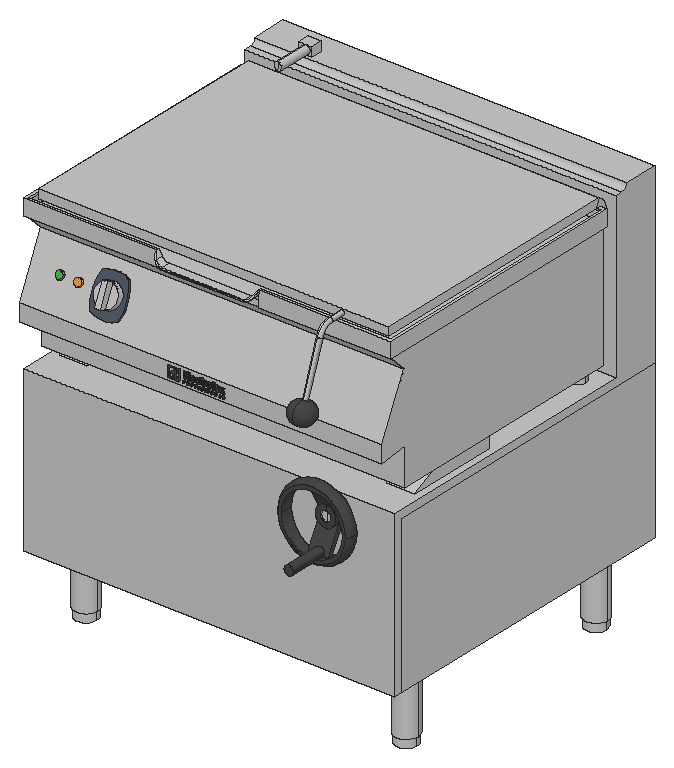
Revit family "QF_ELECTROLUXPROFESSIONAL_371356_E7PPADBAME", category Specialty Equipment, Revit 2018
Family settings
  Round Connector Dimension = Use Diameter
  Part Type = Normal
  Work Plane-Based = No
  Always vertical = Yes
  Cut with Voids When Loaded = No
  Shared = No
  Room Calculation Point = No
Parameters (values of type "Standard")
  Weight = 105.00 kg
  Watts = 0 W
  Volts = 380 V
  URL Manufacturer = "https://www.electroluxprofessional.com/"
  URL = "https://www.electroluxprofessional.com/"
  Steam Supply Size = 0"
  Steam Supply Minimum Pressure = 0.00 psi
  Steam Supply Maximum Pressure = 0.00 psi
  Steam Pounds per Hour = 0
  Show Logo [instance] = yes
  Show Clearance [instance] = yes
  Refrigeration Suction Line Size = 0 mm
  Refrigeration Liquid Line Size = 0 mm
  Refrigerant Compressor Remote = yes
  Phase = 3
  Model = "E7PPADBAME"
  Manufacturer = "Electrolux Professional"
  Length Actual = 800 mm  # constant formula
  Item Number = "371356"
  Hot Water Size = 0"
  Height Actual = 850 mm  # constant formula
  HP = "12.7 HP"
  Gas Size = 0"
  Gas KW = 0
  Gas Input Pressure = 0.0 Btu/h
  Direct Waste Size = 0"
  Description = "60LT EL.TILTING BRATT PAN-DUOMAT BOTTOM (AUS) "
  Depth Actual = 730 mm  # constant formula
  Cycle = 50 Hz
  Condensate Return Size = 0"
  Compressed Air Volume = 0 GPM
  Compressed Air Size = 0"
  Compressed Air Pressure = 0.00 psi
  Cold Water Size = 3/4"
  Assembly Code = ""
  Accessory = yes
Reference planes
  plane 1 "BACK": y = 0
  plane 2: z = 0
  plane 3 "LEFT": x = 0
  plane 4 "RIGHT": x = 800
  plane 5 "FRONT": y = -828
  plane 6 "TOP": z = 887
  plane 7 "Center Y": x = 400
  plane 8 "Center X": y = -414
  plane 9 "Base": z = 150
  plane 10: y = -698.5
  plane 11: z = 502.193
  plane 12: z = 1443
  plane 13: y = -559.5
  plane 14: y = -501.5
Forms (mm)
  Revolve 1, solid, material "QF_Finishes_Stainless Steel"
    sketch origin (0, -88.9, 0) x (1, 0, 0) y (0, 0, 1)
      loop
        line (55, 0) -> (55, 150) -> (29.6, 150) -> (29.6, 19.05) -> (32.1, 19.05) -> (32.1, 0) -> (55, 0)
      axis (55, 0) -> (55, 150)
    angle from 0 to 360
  Revolve 2, solid, material "QF_Finishes_Stainless Steel"
    sketch origin (0, -598.9, 0) x (1, 0, 0) y (0, 0, 1)
      loop
        line (55, 0) -> (55, 150) -> (29.6, 150) -> (29.6, 19.05) -> (32.1, 19.05) -> (32.1, 0) -> (55, 0)
      axis (55, 0) -> (55, 150)
    angle from 0 to 360
  Revolve 3, solid, material "QF_Finishes_Stainless Steel"
    sketch origin (800, -88.9, 0) x (-1, 0, 0) y (0, 0, -1)
      loop
        line (55, 0) -> (32.1, 0) -> (32.1, -19.05) -> (29.6, -19.05) -> (29.6, -150) -> (55, -150) -> (55, 0)
      axis (55, 0) -> (55, -150)
    angle from 0 to 360
  Revolve 4, solid, material "QF_Finishes_Stainless Steel"
    sketch origin (800, -598.9, 0) x (-1, 0, 0) y (0, 0, -1)
      loop
        line (55, 0) -> (32.1, 0) -> (32.1, -19.05) -> (29.6, -19.05) -> (29.6, -150) -> (55, -150) -> (55, 0)
      axis (55, 0) -> (55, -150)
    angle from 0 to 360
  Extrusion 5, solid, material "QF_Finishes_Stainless Steel"
    sketch origin (0, 0, 150) x (-1, 0, 0) y (0, -1, 0)
      loop
        line (0, 0) -> (0, 683.5) -> (-800, 683.5) -> (-800, 0) -> (0, 0)
    from 0 to 337.193
  Extrusion 6, solid, material "QF_Finishes_Stainless Steel"
    sketch origin (0, 0, 0) x (0, 1, 0) y (0, 0, 1)
      loop
        line (0, 487.193) -> (0, 867.193) -> (-75, 867.193)
        arc (-75, 867.193) -> (-78.499, 858.747) -> (-86.945, 855.248) r 11.945
        line (-86.945, 855.248) -> (-101.945, 855.248) -> (-101.945, 502.193) -> (-698.5, 502.193) -> (-698.5, 150) -> (-683.5, 150) -> (-683.5, 487.193) -> (0, 487.193)
    from 0 to 800
  Extrusion 7, solid, material "QF_Finishes_Stainless Steel"
    sketch origin (0, 0, 0) x (0, 1, 0) y (0, 0, 1)
      loop
        line (-125.971, 533.406) -> (-125.971, 811.127) -> (-698.5, 811.127) -> (-698.5, 798.476) -> (-663.47, 763.446) -> (-720.524, 641.094) -> (-720.524, 606.094) -> (-660.971, 613.406) -> (-660.971, 533.406) -> (-125.971, 533.406)
    from 10 to 790
  Sweep 8, solid, material "QF_Finishes_Stainless Steel"
    path origin (0, 0, 150) x (-1, 0, 0) y (0, -1, 0)
      loop
        line (-510, 698.5) -> (-790, 698.5) -> (-790, 125.971) -> (-10, 125.971) -> (-10, 698.5) -> (-290, 698.5)
    profile origin (150, -698.5, 150) x (0, 1, 0) y (0, 0, 1)
      loop
        line (0, 651.359) -> (0, 681.062) -> (1, 681.062) -> (1, 685.301) -> (-5, 685.301) -> (-5, 651.359) -> (0, 651.359)
  Extrusion 9, solid, material "QF_Finishes_Stainless Steel"
    sketch origin (0, 0, 0) x (0, 1, 0) y (0, 0, 1)
      loop
        line (-129.401, 832.662) -> (-121.156, 851) -> (-686.625, 851) -> (-686.625, 832.662) -> (-129.401, 832.662)
      loop
        arc (-102.57, 826.022) -> (-109.804, 839.749) -> (-120.955, 850.539) r 49.182
        line (-120.955, 850.539) -> (-127.806, 835.301) -> (-120.971, 835.301) -> (-120.971, 821.604) -> (-102.57, 803.204) -> (-102.57, 826.022)
    from 22.259 to 777.741
  Sweep 10, solid, material "QF_Finishes_Stainless Steel"
    path origin (0, 0, 0) x (0, 1, 0) y (0, 0, 1)
      loop
        line (-686.625, 841.831) -> (-718.854, 841.831)
        arc (-718.854, 841.831) -> (-736.061, 836.406) -> (-747.044, 822.092) r 30
        line (-747.044, 822.092) -> (-785.322, 716.924)
    profile origin (0, -702.739, 841.831) x (0, 0, -1) y (1, 0, 0)
      loop
        circle (0, 676.16) r 5
  Revolve 11, solid, material "QF_Finishes_Black"
    sketch origin (676.16, 0, 0) x (0, 1, 0) y (0, 0, 1)
      loop
        line (-785.322, 716.924) -> (-792.738, 719.623)
        arc (-792.738, 719.623) -> (-818.978, 701.075) -> (-800.713, 674.638) r 22.845
        line (-800.713, 674.638) -> (-785.322, 716.924)
      axis (-785.322, 716.924) -> (-800.713, 674.638)
    angle from 0 to 360
  Revolve 12, solid, material "QF_Finishes_Black"
    sketch origin (675, 0, 0) x (0, 1, 0) y (0, 0, 1)
      loop
        line (-698.5, 467.193) -> (-698.5, 477.193) -> (-713.5, 477.193) -> (-713.5, 482.193) -> (-718.5, 482.193) -> (-718.5, 489.514) -> (-728.5, 489.514) -> (-728.5, 478.353) -> (-727.138, 478.353) -> (-727.138, 467.193) -> (-698.5, 467.193)
      axis (-698.5, 467.193) -> (-728.5, 467.193)
    angle from 0 to 360
  Sweep 13, solid, material "QF_Finishes_Black"
    path origin (0, 0, 0) x (1, 0, 0) y (0, 0, 1)
      loop
        circle (675, 467.193) r 80
    profile origin (675, 0, 547.193) x (0, 0, -1) y (0, -1, 0)
      loop
        arc (7.394, 765.784) -> (0.586, 756.102) -> (1.641, 744.313) r 17.21
        line (1.641, 744.313) -> (7.394, 740.784) -> (14.116, 740.784) -> (14.116, 765.784) -> (7.394, 765.784)
  Extrusion 14, solid, material "QF_Finishes_Black"
    sketch origin (0, 0, 0) x (0, 1, 0) y (0, 0, 1)
      loop
        line (-713.5, 457.193) -> (-713.5, 477.193) -> (-744.313, 533.065) -> (-751.622, 533.065) -> (-719.104, 474.103) -> (-719.104, 460.284) -> (-751.622, 401.321) -> (-744.313, 401.321) -> (-713.5, 457.193)
    from 654.029 to 698.392
  Extrusion 15, solid, material "QF_Finishes_Black"
    sketch origin (0, 0, 0) x (1, 0, 0) y (0, 0, 1)
      loop
        circle (675, 406.31) r 10
    from 742.86 to 828
  Extrusion 16, solid, material "QF_Finishes_Stainless Steel"
    sketch origin (0, 0, 0) x (0, 1, 0) y (0, 0, 1)
      loop
        line (-424, 533.406) -> (-560.004, 533.406) -> (-624, 502.193) -> (-424, 502.193) -> (-424, 533.406)
    from 16.63 to 76.513
  Extrusion 17, solid, material "QF_Finishes_Stainless Steel"
    sketch origin (800, 0, 0) x (0, 1, 0) y (0, 0, -1)
      loop
        line (-424, -533.406) -> (-424, -502.193) -> (-624, -502.193) -> (-560.004, -533.406) -> (-424, -533.406)
    from 16.63 to 76.513
  Extrusion 18, solid, material "QF_Finishes_Stainless Steel"
    sketch origin (0, 0, 150) x (-1, 0, 0) y (0, -1, 0)
      loop
        circle (-46.571, 145.004) r 15
      loop
        circle (-753.429, 145.004) r 15
    from 352.193 to 383.406
  Extrusion 19, solid, material "QF_Finishes_Stainless Steel"
    sketch origin (0, 0, 0) x (0, 1, 0) y (0, 0, 1)
      loop
        line (-43.387, 867.193) -> (-43.387, 887) -> (-67.444, 887) -> (-67.444, 867.193) -> (-43.387, 867.193)
    from 87.469 to 116.843
  Revolve 20, solid, material "QF_Finishes_Stainless Steel"
    sketch origin (103.25, 0, 0) x (0, 1, 0) y (0, 0, 1)
      loop
        line (-67.444, 877.097) -> (-67.444, 885.222) -> (-142.444, 885.222) -> (-142.444, 877.097) -> (-67.444, 877.097)
      axis (-142.444, 877.097) -> (-67.444, 877.097)
    angle from 0 to 360
  Extrusion 21, solid, material "QF_Finishes_Clearance", visible <- "Show Clearance", detail levels coarse
    sketch origin (0, -801.152, 398.521) x (0, 0.406737, -0.913545) y (0, 0.913545, 0.406737)
      loop
        line (-129.401, 832.662) -> (-121.156, 851) -> (-697.494, 851) -> (-697.494, 832.662) -> (-129.401, 832.662)
    from 22.259 to 777.741
  Sweep 22, solid, material "QF_Finishes_Clearance", visible <- "Show Clearance", detail levels coarse
    path origin (0, -805.573, 408.45) x (0, 0.406737, -0.913545) y (0, 0.913545, 0.406737)
      loop
        line (-686.625, 841.831) -> (-718.854, 841.831)
        arc (-718.854, 841.831) -> (-736.061, 836.406) -> (-747.044, 822.092) r 30
        line (-747.044, 822.092) -> (-785.322, 716.924)
    profile origin (0, -322.352, 1392.837) x (0, -0.913545, -0.406737) y (1, 0, 0)
      loop
        circle (0, 676.16) r 5
  Revolve 23, solid, material "QF_Finishes_Clearance", visible <- "Show Clearance", detail levels coarse
    sketch origin (676.16, -805.573, 408.45) x (0, 0.406737, -0.913545) y (0, 0.913545, 0.406737)
      loop
        line (-785.322, 716.924) -> (-792.738, 719.623)
        arc (-792.738, 719.623) -> (-818.978, 701.075) -> (-800.713, 674.638) r 22.845
        line (-800.713, 674.638) -> (-785.322, 716.924)
      axis (-785.322, 716.924) -> (-800.713, 674.638)
    angle from 0 to 360
  Extrusion 24, solid, material "QF_Finishes_Stainless Steel"
    sketch origin (0, 0, 0) x (1, 0, 0) y (0, 0, 1)
      loop
        line (510, 828.805) -> (510, 835.205) -> (502.68, 822.527)
        arc (502.68, 822.527) -> (496.677, 816.524) -> (488.477, 814.327) r 16.4
        line (488.477, 814.327) -> (311.53, 814.327)
        arc (311.53, 814.327) -> (303.324, 816.526) -> (297.316, 822.534) r 16.413
        line (297.316, 822.534) -> (290, 835.205) -> (290, 828.805) -> (294.545, 820.934)
        arc (294.545, 820.934) -> (301.724, 813.755) -> (311.53, 811.127) r 19.613
        line (311.53, 811.127) -> (488.477, 811.127)
        arc (488.477, 811.127) -> (498.277, 813.753) -> (505.452, 820.927) r 19.6
        line (505.452, 820.927) -> (510, 828.805)
    from 697.5 to 717.595
  Extrusion 25, void
    sketch origin (0, 0, 0) x (0, 1, 0) y (0, 0, 1)
      loop
        line (-720.087, 808.369) -> (-702.971, 836.16) -> (-720.087, 836.16) -> (-720.087, 808.369)
    from 290 to 510
  Extrusion 26, solid, material "QF_Finishes_Navy Blue", visible <- "Show Logo"
    sketch origin (206.658, -720.524, 228.127) x (0, 0, 1) y (-1, 0, 0)
      loop
        line (406.234, -137.874) -> (384.669, -137.874)
        arc (384.669, -137.874) -> (395.451, -145.846) -> (406.234, -137.874) r 11.278
      loop
        arc (406.234, -136.777) -> (404.195, -127.809) -> (396.076, -123.488) r 11.052
        line (396.076, -123.488) -> (396.076, -127.056)
        arc (396.076, -127.056) -> (398.664, -133.429) -> (404.672, -136.777) r 10.359
        line (404.672, -136.777) -> (406.234, -136.777)
      loop
        arc (386.231, -136.777) -> (392.239, -133.429) -> (394.826, -127.056) r 10.359
        line (394.826, -127.056) -> (394.826, -123.488)
        arc (394.826, -123.488) -> (386.64, -127.802) -> (384.392, -136.777) r 11.341
        line (384.392, -136.777) -> (386.231, -136.777)
      loop
        line (407.41, -122.67) -> (383.443, -122.67) -> (383.443, -146.669) -> (407.41, -146.669) -> (407.41, -122.67)
      loop
        spline (395.643, -160.797) -> (395.652, -160.597) -> (395.68, -160.383) -> (395.73, -160.161) -> (395.806, -159.938) -> (395.911, -159.72) -> (396.048, -159.511) -> (396.222, -159.319) -> (396.435, -159.148) -> (396.69, -159.005) -> (396.991, -158.895) -> (397.342, -158.826) -> (397.745, -158.801)
        line (397.745, -158.801) -> (399.533, -158.801) -> (399.533, -164.704) -> (401.813, -164.704) -> (401.813, -158.8) -> (405.133, -158.8) -> (405.133, -165.08) -> (407.407, -165.08) -> (407.407, -156.384) -> (397.848, -156.384)
        spline (397.848, -156.384) -> (397.26, -156.405) -> (396.706, -156.471) -> (396.188, -156.582) -> (395.707, -156.74) -> (395.265, -156.945) -> (394.865, -157.2) -> (394.508, -157.505) -> (394.197, -157.862) -> (393.932, -158.271) -> (393.716, -158.734) -> (393.552, -159.253) -> (393.44, -159.828)
        line (393.44, -159.828) -> (393.372, -160.777) -> (393.372, -165.248) -> (395.643, -165.248) -> (395.643, -160.797)
      loop
        line (400.775, -166.965) -> (393.368, -166.965) -> (393.368, -169.383) -> (407.41, -169.383) -> (407.41, -166.965) -> (400.775, -166.965)
      loop
        spline (397.853, -181.313) -> (398.614, -181.329) -> (399.349, -181.256) -> (400.053, -181.097) -> (400.718, -180.856) -> (401.338, -180.534) -> (401.906, -180.136) -> (402.415, -179.665) -> (402.859, -179.123) -> (403.23, -178.514) -> (403.522, -177.84) -> (403.729, -177.106) -> (403.843, -176.314)
        spline (403.843, -176.314) -> (403.8, -175.562) -> (403.671, -174.846) -> (403.46, -174.174) -> (403.171, -173.55) -> (402.807, -172.98) -> (402.37, -172.468) -> (401.865, -172.021) -> (401.294, -171.643) -> (400.66, -171.339) -> (399.968, -171.116) -> (399.22, -170.978) -> (398.419, -170.931)
        spline (398.419, -170.931) -> (397.638, -170.977) -> (396.908, -171.111) -> (396.232, -171.329) -> (395.613, -171.627) -> (395.055, -172) -> (394.561, -172.445) -> (394.133, -172.957) -> (393.777, -173.532) -> (393.493, -174.165) -> (393.287, -174.853) -> (393.161, -175.591) -> (393.118, -176.375)
        spline (393.118, -176.375) -> (393.127, -176.758) -> (393.156, -177.136) -> (393.206, -177.509) -> (393.28, -177.879) -> (393.379, -178.243) -> (393.505, -178.604) -> (393.66, -178.959) -> (393.847, -179.31) -> (394.066, -179.656) -> (394.32, -179.997) -> (394.61, -180.334) -> (394.939, -180.665)
        line (394.939, -180.665) -> (396.356, -179.208)
        spline (396.356, -179.208) -> (396.171, -179.016) -> (396.002, -178.823) -> (395.848, -178.627) -> (395.71, -178.427) -> (395.587, -178.221) -> (395.481, -178.007) -> (395.39, -177.783) -> (395.316, -177.547) -> (395.257, -177.299) -> (395.216, -177.035) -> (395.191, -176.755) -> (395.182, -176.456)
        spline (395.182, -176.456) -> (395.204, -176.019) -> (395.268, -175.608) -> (395.372, -175.227) -> (395.515, -174.876) -> (395.695, -174.558) -> (395.911, -174.273) -> (396.16, -174.024) -> (396.441, -173.813) -> (396.753, -173.642) -> (397.094, -173.511) -> (397.461, -173.423) -> (397.853, -173.38)
        line (397.853, -173.38) -> (397.853, -181.313)
      loop
        spline (399.553, -178.884) -> (399.852, -178.861) -> (400.14, -178.792) -> (400.413, -178.682) -> (400.67, -178.533) -> (400.907, -178.348) -> (401.121, -178.131) -> (401.311, -177.884) -> (401.472, -177.61) -> (401.602, -177.313) -> (401.699, -176.996) -> (401.759, -176.662) -> (401.779, -176.314)
        spline (401.779, -176.314) -> (401.759, -175.941) -> (401.7, -175.582) -> (401.605, -175.239) -> (401.476, -174.917) -> (401.317, -174.619) -> (401.129, -174.347) -> (400.916, -174.104) -> (400.679, -173.894) -> (400.422, -173.719) -> (400.147, -173.584) -> (399.856, -173.49) -> (399.553, -173.441)
        line (399.553, -173.441) -> (399.553, -178.884)
      loop
        spline (398.481, -185.009) -> (398.93, -185.037) -> (399.357, -185.118) -> (399.757, -185.249) -> (400.128, -185.427) -> (400.467, -185.648) -> (400.77, -185.91) -> (401.035, -186.209) -> (401.258, -186.541) -> (401.437, -186.905) -> (401.569, -187.295) -> (401.65, -187.71) -> (401.678, -188.146)
        spline (401.678, -188.146) -> (401.67, -188.413) -> (401.645, -188.669) -> (401.604, -188.915) -> (401.547, -189.15) -> (401.474, -189.376) -> (401.387, -189.593) -> (401.285, -189.801) -> (401.168, -190.002) -> (401.038, -190.195) -> (400.893, -190.381) -> (400.736, -190.561) -> (400.565, -190.736)
        line (400.565, -190.736) -> (402.123, -192.234)
        spline (402.123, -192.234) -> (402.421, -191.936) -> (402.689, -191.629) -> (402.928, -191.313) -> (403.137, -190.99) -> (403.319, -190.658) -> (403.474, -190.319) -> (403.603, -189.973) -> (403.706, -189.619) -> (403.785, -189.26) -> (403.841, -188.894) -> (403.873, -188.523) -> (403.884, -188.146)
        spline (403.884, -188.146) -> (403.837, -187.391) -> (403.7, -186.667) -> (403.478, -185.982) -> (403.176, -185.341) -> (402.798, -184.752) -> (402.351, -184.22) -> (401.839, -183.753) -> (401.267, -183.355) -> (400.64, -183.035) -> (399.963, -182.799) -> (399.242, -182.652) -> (398.481, -182.601)
        spline (398.481, -182.601) -> (397.72, -182.652) -> (396.998, -182.799) -> (396.322, -183.035) -> (395.695, -183.355) -> (395.123, -183.753) -> (394.61, -184.22) -> (394.163, -184.752) -> (393.786, -185.341) -> (393.483, -185.982) -> (393.261, -186.667) -> (393.124, -187.391) -> (393.077, -188.146)
        spline (393.077, -188.146) -> (393.088, -188.523) -> (393.121, -188.894) -> (393.176, -189.26) -> (393.255, -189.619) -> (393.359, -189.973) -> (393.487, -190.319) -> (393.642, -190.658) -> (393.824, -190.99) -> (394.034, -191.313) -> (394.272, -191.629) -> (394.54, -191.936) -> (394.838, -192.234)
        line (394.838, -192.234) -> (396.396, -190.736)
        spline (396.396, -190.736) -> (396.226, -190.561) -> (396.068, -190.381) -> (395.924, -190.195) -> (395.793, -190.002) -> (395.676, -189.801) -> (395.574, -189.593) -> (395.487, -189.376) -> (395.415, -189.15) -> (395.358, -188.915) -> (395.317, -188.669) -> (395.292, -188.413) -> (395.283, -188.146)
        spline (395.283, -188.146) -> (395.311, -187.71) -> (395.392, -187.295) -> (395.524, -186.905) -> (395.703, -186.541) -> (395.927, -186.209) -> (396.191, -185.91) -> (396.495, -185.648) -> (396.833, -185.427) -> (397.204, -185.249) -> (397.604, -185.118) -> (398.031, -185.037) -> (398.481, -185.009)
      loop
        spline (395.64, -198.397) -> (395.637, -198.184) -> (395.653, -197.955) -> (395.692, -197.718) -> (395.759, -197.477) -> (395.857, -197.239) -> (395.99, -197.009) -> (396.162, -196.795) -> (396.377, -196.601) -> (396.639, -196.433) -> (396.952, -196.299) -> (397.319, -196.204) -> (397.745, -196.153)
        line (397.745, -196.153) -> (401.326, -196.153) -> (401.326, -198.352) -> (403.523, -198.352) -> (403.523, -196.156) -> (407.41, -196.156) -> (407.41, -193.739) -> (397.607, -193.739)
        spline (397.607, -193.739) -> (397.038, -193.79) -> (396.504, -193.884) -> (396.004, -194.021) -> (395.543, -194.201) -> (395.12, -194.427) -> (394.739, -194.699) -> (394.4, -195.019) -> (394.106, -195.387) -> (393.859, -195.805) -> (393.66, -196.274) -> (393.511, -196.794) -> (393.415, -197.368)
        line (393.415, -197.368) -> (393.368, -198.388) -> (395.64, -198.397)
      loop
        spline (403.663, -206.53) -> (403.689, -206.112) -> (403.682, -205.71) -> (403.642, -205.324) -> (403.571, -204.956) -> (403.471, -204.606) -> (403.341, -204.277) -> (403.183, -203.969) -> (402.998, -203.683) -> (402.788, -203.421) -> (402.553, -203.182) -> (402.294, -202.97) -> (402.012, -202.784)
        line (402.012, -202.784) -> (403.522, -202.784) -> (403.522, -200.386) -> (393.369, -200.386) -> (393.369, -202.784) -> (398.707, -202.784)
        spline (398.707, -202.784) -> (399.112, -202.806) -> (399.489, -202.87) -> (399.838, -202.976) -> (400.156, -203.122) -> (400.442, -203.306) -> (400.694, -203.526) -> (400.912, -203.781) -> (401.094, -204.07) -> (401.237, -204.39) -> (401.342, -204.74) -> (401.406, -205.118) -> (401.427, -205.523)
        line (401.427, -205.523) -> (401.326, -206.53) -> (403.663, -206.53)
      loop
        spline (398.445, -217.981) -> (399.19, -217.931) -> (399.9, -217.784) -> (400.569, -217.546) -> (401.192, -217.225) -> (401.763, -216.828) -> (402.276, -216.359) -> (402.725, -215.827) -> (403.106, -215.238) -> (403.412, -214.599) -> (403.637, -213.915) -> (403.776, -213.194) -> (403.824, -212.441)
        spline (403.824, -212.441) -> (403.776, -211.685) -> (403.637, -210.961) -> (403.412, -210.275) -> (403.106, -209.635) -> (402.725, -209.046) -> (402.276, -208.515) -> (401.763, -208.048) -> (401.192, -207.652) -> (400.569, -207.333) -> (399.9, -207.097) -> (399.19, -206.951) -> (398.445, -206.901)
        spline (398.445, -206.901) -> (397.7, -206.951) -> (396.991, -207.097) -> (396.322, -207.333) -> (395.699, -207.652) -> (395.128, -208.048) -> (394.615, -208.515) -> (394.166, -209.046) -> (393.785, -209.635) -> (393.479, -210.275) -> (393.253, -210.961) -> (393.114, -211.685) -> (393.066, -212.441)
        spline (393.066, -212.441) -> (393.114, -213.194) -> (393.253, -213.915) -> (393.479, -214.599) -> (393.785, -215.238) -> (394.166, -215.827) -> (394.615, -216.359) -> (395.128, -216.828) -> (395.699, -217.225) -> (396.322, -217.546) -> (396.991, -217.784) -> (397.7, -217.931) -> (398.445, -217.981)
      loop
        spline (398.445, -215.584) -> (398.885, -215.556) -> (399.304, -215.474) -> (399.699, -215.342) -> (400.068, -215.163) -> (400.406, -214.94) -> (400.709, -214.677) -> (400.976, -214.378) -> (401.202, -214.044) -> (401.383, -213.68) -> (401.517, -213.29) -> (401.6, -212.876) -> (401.628, -212.441)
        spline (401.628, -212.441) -> (401.6, -212.003) -> (401.517, -211.586) -> (401.383, -211.194) -> (401.202, -210.83) -> (400.976, -210.497) -> (400.709, -210.198) -> (400.406, -209.936) -> (400.068, -209.715) -> (399.699, -209.538) -> (399.304, -209.407) -> (398.885, -209.327) -> (398.445, -209.299)
        spline (398.445, -209.299) -> (398.006, -209.327) -> (397.587, -209.407) -> (397.191, -209.538) -> (396.823, -209.715) -> (396.485, -209.936) -> (396.181, -210.198) -> (395.915, -210.497) -> (395.689, -210.83) -> (395.507, -211.194) -> (395.373, -211.586) -> (395.29, -212.003) -> (395.262, -212.441)
        spline (395.262, -212.441) -> (395.29, -212.876) -> (395.373, -213.29) -> (395.507, -213.68) -> (395.689, -214.044) -> (395.915, -214.378) -> (396.181, -214.677) -> (396.485, -214.94) -> (396.823, -215.163) -> (397.191, -215.342) -> (397.587, -215.474) -> (398.006, -215.556) -> (398.445, -215.584)
      loop
        line (401.017, -219.468) -> (393.368, -219.468) -> (393.368, -221.887) -> (407.41, -221.887) -> (407.41, -219.468) -> (401.017, -219.468)
      loop
        line (403.522, -230.605) -> (397.62, -230.605)
        spline (397.62, -230.605) -> (397.236, -230.586) -> (396.89, -230.529) -> (396.581, -230.438) -> (396.308, -230.313) -> (396.07, -230.157) -> (395.867, -229.973) -> (395.697, -229.763) -> (395.56, -229.528) -> (395.455, -229.271) -> (395.381, -228.994) -> (395.337, -228.699) -> (395.323, -228.389)
        spline (395.323, -228.389) -> (395.337, -228.079) -> (395.381, -227.784) -> (395.455, -227.507) -> (395.559, -227.25) -> (395.696, -227.016) -> (395.864, -226.805) -> (396.066, -226.621) -> (396.302, -226.466) -> (396.572, -226.341) -> (396.878, -226.249) -> (397.22, -226.193) -> (397.599, -226.173)
        line (397.599, -226.173) -> (403.522, -226.173) -> (403.522, -223.735) -> (397.397, -223.735)
        spline (397.397, -223.735) -> (396.704, -223.778) -> (396.072, -223.904) -> (395.503, -224.105) -> (394.995, -224.377) -> (394.549, -224.713) -> (394.164, -225.108) -> (393.839, -225.555) -> (393.574, -226.048) -> (393.369, -226.583) -> (393.223, -227.151) -> (393.135, -227.749) -> (393.106, -228.369)
        spline (393.106, -228.369) -> (393.136, -228.994) -> (393.224, -229.597) -> (393.372, -230.17) -> (393.581, -230.709) -> (393.849, -231.207) -> (394.179, -231.658) -> (394.57, -232.056) -> (395.022, -232.395) -> (395.537, -232.669) -> (396.114, -232.872) -> (396.754, -232.999) -> (397.458, -233.042)
        line (397.458, -233.042) -> (403.522, -233.042) -> (403.522, -230.605)
      loop
        line (396.616, -242.19) -> (398.747, -240.665) -> (401.319, -242.553) -> (403.522, -244.17) -> (403.522, -241.531) -> (400.48, -239.334) -> (403.522, -237.118) -> (403.522, -234.5) -> (401.468, -236.002) -> (398.727, -238.005) -> (395.803, -235.905) -> (393.368, -234.157) -> (393.368, -236.756) -> (396.955, -239.334) -> (393.368, -241.913) -> (393.368, -244.512) -> (396.616, -242.19)
      loop
        line (388.297, -157.743) -> (388.297, -155.873) -> (383.443, -155.873) -> (383.443, -156.87) -> (385.088, -156.87) -> (385.088, -157.743)
        arc (385.088, -157.743) -> (386.693, -159.348) -> (388.297, -157.743) r 1.605
      loop
        arc (386.014, -157.81) -> (386.693, -158.39) -> (387.371, -157.81) r 0.687
        line (387.371, -157.81) -> (387.371, -156.87) -> (386.014, -156.87) -> (386.014, -157.81)
      loop
        line (388.297, -165.359) -> (388.297, -163.455) -> (383.443, -163.455) -> (383.443, -164.453) -> (385.115, -164.453) -> (385.115, -165.32) -> (383.443, -166.172) -> (383.443, -167.305) -> (385.361, -166.14)
        arc (385.361, -166.14) -> (385.928, -166.749) -> (386.733, -166.961) r 1.499
        arc (386.733, -166.961) -> (387.841, -166.479) -> (388.297, -165.359) r 1.602
      loop
        line (387.38, -165.339) -> (387.38, -164.453) -> (386.026, -164.453) -> (386.026, -165.339)
        arc (386.026, -165.339) -> (386.703, -165.89) -> (387.38, -165.339) r 0.691
      loop
        circle (385.87, -173.502) r 2.521
      loop
        circle (385.87, -173.502) r 1.6
      loop
        line (388.297, -180.198) -> (383.443, -180.198) -> (383.443, -181.196) -> (385.439, -181.196) -> (385.439, -183.022) -> (386.356, -183.022) -> (386.356, -181.196) -> (387.38, -181.196) -> (387.38, -183.198) -> (388.297, -183.198) -> (388.297, -180.198)
      loop
        line (388.297, -187.315) -> (385.017, -187.315)
        arc (385.017, -187.315) -> (383.906, -187.763) -> (383.443, -188.869) r 1.554
        line (383.443, -188.869) -> (383.443, -190.437) -> (384.361, -190.437) -> (384.361, -189.278)
        arc (384.361, -189.278) -> (384.709, -188.529) -> (385.506, -188.314) r 0.979
        line (385.506, -188.314) -> (385.506, -190.255) -> (386.423, -190.255) -> (386.423, -188.314) -> (387.38, -188.314) -> (387.38, -190.389) -> (388.297, -190.389) -> (388.297, -187.315)
      loop
        line (387.024, -196.965) -> (387.516, -197.683)
        arc (387.516, -197.683) -> (388.164, -197.018) -> (388.378, -196.114) r 1.738
        arc (388.378, -196.114) -> (388.176, -195.328) -> (387.669, -194.694) r 1.926
        arc (387.669, -194.694) -> (387.032, -194.609) -> (386.403, -194.738) r 1.936
        arc (386.403, -194.738) -> (385.935, -195.17) -> (385.639, -195.734) r 1.881
        arc (385.639, -195.734) -> (385.467, -196.169) -> (385.255, -196.586) r 4.917
        arc (385.255, -196.586) -> (384.639, -196.832) -> (384.278, -196.276) r 0.523
        arc (384.278, -196.276) -> (384.514, -195.574) -> (385.022, -195.034) r 1.738
        line (385.022, -195.034) -> (384.543, -194.272)
        arc (384.543, -194.272) -> (384.044, -194.574) -> (383.663, -195.015) r 1.867
        arc (383.663, -195.015) -> (383.424, -195.575) -> (383.363, -196.18) r 2.013
        arc (383.363, -196.18) -> (383.512, -196.928) -> (383.87, -197.602) r 2.629
        arc (383.87, -197.602) -> (384.662, -197.9) -> (385.494, -197.747) r 1.579
        arc (385.494, -197.747) -> (385.877, -197.414) -> (386.154, -196.99) r 1.83
        arc (386.154, -196.99) -> (386.394, -196.453) -> (386.6, -195.902) r 9.64
        arc (386.6, -195.902) -> (387.095, -195.584) -> (387.462, -196.044) r 0.439
        arc (387.462, -196.044) -> (387.349, -196.555) -> (387.024, -196.965) r 1.168
      loop
        line (388.297, -209.362) -> (383.443, -209.362) -> (383.443, -210.361) -> (388.297, -210.361) -> (388.297, -209.362)
      loop
        circle (385.87, -217.09) r 1.51
      loop
        circle (385.87, -217.09) r 2.521
      loop
        line (383.443, -223.786) -> (383.443, -224.795) -> (386.495, -224.795) -> (383.443, -227.015) -> (383.443, -227.986) -> (388.297, -227.986) -> (388.297, -226.977) -> (385.153, -226.977) -> (388.297, -224.757) -> (388.297, -223.786) -> (383.443, -223.786)
      loop
        line (383.443, -233.018) -> (384.49, -233.491) -> (384.49, -235.286) -> (383.443, -235.759) -> (383.443, -236.832) -> (388.297, -234.359) -> (383.443, -231.947) -> (383.443, -233.018)
      loop
        line (386.482, -234.389) -> (385.486, -233.939) -> (385.486, -234.839) -> (386.482, -234.389)
      loop
        line (384.361, -241.789) -> (388.297, -241.789) -> (388.297, -240.791) -> (383.443, -240.791) -> (383.443, -243.656) -> (384.361, -243.656) -> (384.361, -241.789)
      loop
        line (387.024, -204.299) -> (387.516, -205.016)
        arc (387.516, -205.016) -> (388.164, -204.351) -> (388.378, -203.447) r 1.738
        arc (388.378, -203.447) -> (388.176, -202.661) -> (387.669, -202.027) r 1.926
        arc (387.669, -202.027) -> (387.032, -201.942) -> (386.403, -202.071) r 1.936
        arc (386.403, -202.071) -> (385.935, -202.503) -> (385.639, -203.067) r 1.881
        arc (385.639, -203.067) -> (385.467, -203.502) -> (385.255, -203.919) r 4.917
        arc (385.255, -203.919) -> (384.639, -204.165) -> (384.278, -203.609) r 0.523
        arc (384.278, -203.609) -> (384.514, -202.907) -> (385.022, -202.367) r 1.738
        line (385.022, -202.367) -> (384.543, -201.605)
        arc (384.543, -201.605) -> (384.044, -201.907) -> (383.663, -202.348) r 1.867
        arc (383.663, -202.348) -> (383.424, -202.908) -> (383.363, -203.513) r 2.013
        arc (383.363, -203.513) -> (383.512, -204.261) -> (383.87, -204.935) r 2.629
        arc (383.87, -204.935) -> (384.662, -205.233) -> (385.494, -205.08) r 1.579
        arc (385.494, -205.08) -> (385.877, -204.747) -> (386.154, -204.323) r 1.83
        arc (386.154, -204.323) -> (386.394, -203.786) -> (386.6, -203.235) r 9.64
        arc (386.6, -203.235) -> (387.095, -202.917) -> (387.462, -203.377) r 0.439
        arc (387.462, -203.377) -> (387.349, -203.888) -> (387.024, -204.299) r 1.168
    from 0 to 1.644
  Extrusion 27, solid, material "QF_Finishes_Navy Blue"
    sketch origin (-179.262, -720.213, 641.76) x (0, 0.422618, 0.906308) y (-1, 0, 0)
      loop
        arc (105.947, -332.692) -> (68.865, -323.711) -> (31.333, -330.573) r 91.844
        arc (31.333, -330.573) -> (24.206, -361.215) -> (31.333, -391.858) r 69.441
        arc (31.333, -391.858) -> (68.854, -398.569) -> (105.947, -389.79) r 93.759
        arc (105.947, -389.79) -> (112.176, -361.241) -> (105.947, -332.692) r 68.543
    from 0 to 3.175
  Extrusion 28, solid, material "QF_Finishes_Stainless Steel"
    sketch origin (21.988, -723.091, 643.102) x (0, 0.422618, 0.906308) y (-1, 0, 0)
      loop
        circle (68.826, -160.963) r 25.4
    from 0 to 12.7
  Extrusion 29, solid, material "QF_Finishes_Stainless Steel"
    sketch origin (21.988, -734.601, 648.469) x (0, 0.422618, 0.906308) y (-1, 0, 0)
      loop
        arc (93.558, -166.749) -> (94.226, -160.963) -> (93.558, -155.177) r 25.4
        line (93.558, -155.177) -> (44.094, -155.177)
        arc (44.094, -155.177) -> (43.426, -160.963) -> (44.094, -166.749) r 25.4
        line (44.094, -166.749) -> (93.558, -166.749)
    from 0 to 12.7
  Extrusion 30, solid, material "QF_Finishes_Orange"
    sketch origin (-254.262, -720.213, 641.76) x (0, 0.422618, 0.906308) y (-1, 0, 0)
      loop
        circle (69.533, -367.513) r 8
    from 0 to 3.175
  Extrusion 31, solid, material "QF_Finishes_Green"
    sketch origin (-294.262, -720.213, 641.76) x (0, 0.422618, 0.906308) y (-1, 0, 0)
      loop
        circle (69.533, -367.513) r 8
    from 0 to 3.175
  Extrusion 32, solid, material "QF_Finishes_Stainless Steel"
    sketch origin (0, 0, 0) x (0, 1, 0) y (0, 0, 1)
      loop
        circle (-559.5, 326) r 6.35
    from 366.631 to 389
  Extrusion 33, solid, material "QF_Finishes_Stainless Steel"
    sketch origin (0, 0, 0) x (1, 0, 0) y (0, 0, 1)
      loop
        circle (340, 221) r 3.175
    from 501.5 to 519.119
  Extrusion 34, solid, material "QF_Finishes_Clearance", visible <- "Show Clearance", detail levels coarse
    sketch origin (0, 0, 0) x (1, 0, 0) y (0, 1, 0)
      loop
        line (800, 0) -> (800, -703.5) -> (850, -703.5) -> (850, 50) -> (-50, 50) -> (-50, -703.5) -> (0, -703.5) -> (0, 0) -> (800, 0)
    from 0 to 920
Cuts and joins
  Extrusion 25 cuts Extrusion 24
  joined: Extrusion 7, Sweep 8, Extrusion 24
Lines and regions (mm)
  symbolic lines
    curve 1: line (0, -703.5, 150) -> (289.945, -703.5, 150)
    curve 2: line (10, -720.524, 150) -> (10, -703.5, 150)
    curve 3: line (790, -720.524, 150) -> (681.16, -720.524, 150)
    curve 4: line (790, -703.5, 150) -> (790, -720.524, 150)
    curve 5: line (157.561, -703.5, 150) -> (207.561, -703.5, 150)
    curve 6: line (157.561, -706.156, 150) -> (157.561, -703.5, 150)
    curve 7: line (197.561, -716.156, 150) -> (188.737, -716.156, 150)
    curve 8: line (207.561, -703.5, 150) -> (207.561, -706.156, 150)
    curve 9: line (177.165, -727.476, 150) -> (177.165, -703.5, 150)
    curve 10: line (188.737, -727.476, 150) -> (188.737, -703.5, 150)
    curve 11: line (177.165, -727.476, 150) -> (188.737, -727.476, 150)
    curve 12: line (177.165, -716.156, 150) -> (167.561, -716.156, 150)
    curve 13: arc (157.561, -706.156, 150) -> (160.49, -713.227, 150) -> (167.561, -716.156, 150) r 10
    curve 14: arc (207.561, -706.156, 150) -> (204.632, -713.227, 150) -> (197.561, -716.156, 150) r 10
    curve 15: line (289.945, -703.5, 150) -> (304.541, -717.595, 150)
    curve 16: line (304.541, -717.595, 150) -> (495.459, -717.595, 150)
    curve 17: line (510.055, -703.5, 150) -> (495.459, -717.595, 150)
    curve 18: line (510.055, -703.5, 150) -> (671.16, -703.5, 150)
    curve 19: line (11, -697.5, 150) -> (789, -697.5, 150)
    curve 20: line (11, -126.971, 150) -> (11, -697.5, 150)
    curve 21: line (789, -697.5, 150) -> (789, -126.971, 150)
    curve 22: line (5, -120.971, 150) -> (5, -703.5, 150)
    curve 23: line (0, 0, 150) -> (0, -703.5, 150)
    curve 24: line (800, -703.5, 150) -> (800, 0, 150)
    curve 25: line (795, -703.5, 150) -> (795, -120.971, 150)
    curve 26: line (0, -101.945, 150) -> (95.125, -101.945, 150)
    curve 27: line (0, -75, 150) -> (95.125, -75, 150)
    curve 28: line (5, -120.971, 150) -> (95.125, -120.971, 150)
    curve 29: line (789, -126.971, 150) -> (111.375, -126.971, 150)
    curve 30: line (95.125, -142.444, 150) -> (111.375, -142.444, 150)
    curve 31: line (95.125, -67.444, 150) -> (95.125, -142.444, 150)
    curve 32: line (111.375, -142.444, 150) -> (111.375, -67.444, 150)
    curve 33: line (87.469, -67.444, 150) -> (116.843, -67.444, 150)
    curve 34: line (87.469, -43.387, 150) -> (87.469, -67.444, 150)
    curve 35: line (116.843, -43.387, 150) -> (87.469, -43.387, 150)
    curve 36: line (116.843, -67.444, 150) -> (116.843, -43.387, 150)
    curve 37: line (111.375, -75, 150) -> (800, -75, 150)
    curve 38: line (111.375, -101.945, 150) -> (800, -101.945, 150)
    curve 39: line (111.375, -120.971, 150) -> (795, -120.971, 150)
    curve 40: line (95.125, -126.971, 150) -> (11, -126.971, 150)
    curve 41: line (90.125, -126.971, 150) -> (90.125, -139.636, 150)
    curve 42: line (116.375, -126.971, 150) -> (116.375, -139.636, 150)
    curve 43: arc (90.125, -139.636, 150) -> (103.25, -152.761, 150) -> (116.375, -139.636, 150) r 13.125
    curve 44: spline (676.16, -792.738, 150) -> (677.763, -792.583, 150) -> (679.3, -792.125, 150) -> (680.705, -791.384, 150) -> (681.921, -790.39, 150) -> (682.897, -789.184, 150) -> (683.591, -787.817, 150) -> (683.976, -786.346, 150) -> (684.034, -784.833, 150) -> (683.764, -783.339, 150) -> (683.176, -781.929, 150) -> (682.296, -780.66, 150) -> (681.16, -779.586, 150)
    curve 45: spline (681.16, -785.322, 150) -> (681.117, -785.936, 150) -> (680.99, -786.539, 150) -> (680.78, -787.12, 150) -> (680.49, -787.672, 150) -> (680.127, -788.183, 150) -> (679.696, -788.645, 150) -> (679.204, -789.05, 150) -> (678.66, -789.391, 150) -> (678.074, -789.663, 150) -> (677.454, -789.861, 150) -> (676.813, -789.981, 150) -> (676.16, -790.021, 150)
    curve 46: spline (676.16, -790.021, 150) -> (675.507, -789.981, 150) -> (674.866, -789.861, 150) -> (674.247, -789.663, 150) -> (673.66, -789.391, 150) -> (673.116, -789.05, 150) -> (672.625, -788.645, 150) -> (672.193, -788.183, 150) -> (671.83, -787.672, 150) -> (671.541, -787.12, 150) -> (671.33, -786.539, 150) -> (671.203, -785.936, 150) -> (671.16, -785.322, 150)
    curve 47: spline (671.16, -779.586, 150) -> (670.024, -780.66, 150) -> (669.144, -781.929, 150) -> (668.557, -783.339, 150) -> (668.286, -784.833, 150) -> (668.345, -786.346, 150) -> (668.729, -787.817, 150) -> (669.424, -789.184, 150) -> (670.399, -790.39, 150) -> (671.615, -791.384, 150) -> (673.02, -792.125, 150) -> (674.557, -792.583, 150) -> (676.16, -792.738, 150)
    curve 48: line (665, -828, 150) -> (685, -828, 150)
    curve 49: line (665, -816.861, 150) -> (665, -828, 150)
    curve 50: line (685, -828, 150) -> (685, -817.805, 150)
    curve 51: arc (671.16, -766.632, 150) -> (676.16, -819.318, 150) -> (681.16, -766.632, 150) r 26.58
    curve 52: line (602.394, -765.784, 150) -> (671.16, -765.784, 150)
    curve 53: line (596.641, -744.313, 150) -> (671.16, -744.313, 150)
    curve 54: line (602.394, -740.784, 150) -> (671.16, -740.784, 150)
    curve 55: line (747.606, -740.784, 150) -> (753.359, -744.313, 150)
    curve 56: arc (747.606, -765.784, 150) -> (754.475, -756.118, 150) -> (753.359, -744.313, 150) r 17.007
    curve 57: line (602.394, -740.784, 150) -> (596.641, -744.313, 150)
    curve 58: arc (602.394, -765.784, 150) -> (595.525, -756.118, 150) -> (596.641, -744.313, 150) r 17.007
    curve 59: line (664.934, -768.644, 150) -> (664.934, -765.784, 150)
    curve 60: line (685.084, -767.7, 150) -> (685.084, -765.784, 150)
    curve 61: line (671.16, -785.322, 150) -> (671.16, -697.5, 150)
    curve 62: line (681.16, -785.322, 150) -> (681.16, -697.5, 150)
    curve 63: line (681.16, -703.5, 150) -> (800, -703.5, 150)
    curve 64: line (671.16, -720.524, 150) -> (188.737, -720.524, 150)
    curve 65: line (681.16, -740.784, 150) -> (747.606, -740.784, 150)
    curve 66: line (681.16, -744.313, 150) -> (753.359, -744.313, 150)
    curve 67: line (681.16, -765.784, 150) -> (747.606, -765.784, 150)
    curve 68: line (654.029, -740.784, 150) -> (654.029, -720.524, 150)
    curve 69: line (698.392, -740.784, 150) -> (698.392, -720.524, 150)
    curve 70: line (22.259, -686.625, 150) -> (22.259, -126.971, 150)
    curve 71: line (22.259, -686.625, 150) -> (777.741, -686.625, 150)
    curve 72: line (777.741, -686.625, 150) -> (777.741, -126.971, 150)
    curve 73: line (177.165, -720.524, 150) -> (10, -720.524, 150)
    curve 74: line (0, 0, 150) -> (800, 0, 150)
  symbolic lines, style "QF-Clearances", visible <- "Show Clearance", detail levels coarse
    curve 75: line (-50, 50, 150) -> (-50, -703.5, 150)
    curve 76: line (850, 50, 150) -> (850, -703.5, 150)
    curve 77: line (850, 50, 150) -> (-50, 50, 150)
Dimensions and locks
  equal spacing: plane 3 "LEFT", plane 7 "Center Y", plane 4 "RIGHT"
  plane 3 "LEFT" to plane 4 "RIGHT" = 800 mm
  equal spacing: plane 5 "FRONT", plane 8 "Center X", plane 1 "BACK"
  plane 5 "FRONT" to plane 1 "BACK" = 828 mm
  plane 6 "TOP" to level = 887 mm
  plane 9 "Base" to level = 150 mm
  plane 1 "BACK" to plane 10 = 698.5 mm
  plane 12 to level = 1443 mm
  Extrusion 32 to plane 3 "LEFT" = 389 mm
  Extrusion 32 to plane 9 "Base" = 176 mm
  plane 13 to plane 10 = 139 mm
  plane 14 to plane 10 = 197 mm
  aligned and locked: level to plane 2
  aligned and locked: plane 4 "RIGHT" to Extrusion 6
Automatic sketch dimensions
  Revolve 11 sketch curve to plane 5 "FRONT" = 27.287 mm
  Revolve 11 sketch curve to Revolve 11 sketch curve = 0 mm  (x4)
  Revolve 11 sketch curve to Revolve 11 sketch curve = 4.229 mm
  Revolve 11 sketch curve to Revolve 11 sketch curve = 3.746 mm
  Revolve 11 sketch curve to Revolve 11 sketch curve = 7.415 mm
  plane 11 to Revolve 11 sketch curve = 172.444 mm
  Revolve 11 sketch curve to Revolve 11 sketch curve = 22.45 mm
  Extrusion 21 sketch curve to plane 12 = 68.613 mm
  plane 8 "Center X" to Extrusion 21 sketch curve = 89.827 mm
  Extrusion 21 sketch curve to Extrusion 21 sketch curve = 568.093 mm
  Extrusion 21 sketch curve to Extrusion 21 sketch curve = 8.244 mm
  Extrusion 21 sketch curve to Extrusion 21 sketch curve = 18.338 mm
  Sweep 22 sketch curve to plane 12 = 25.524 mm
  Sweep 22 sketch curve to plane 8 "Center X" = 56.05 mm
  Sweep 22 sketch curve to Sweep 22 sketch curve = 38.278 mm
  Sweep 22 sketch curve to Sweep 22 sketch curve = 28.191 mm
  Sweep 22 sketch curve to Sweep 22 sketch curve = 32.229 mm
  Sweep 22 sketch curve to Sweep 22 sketch curve = 94.908 mm
  Sweep 22 sketch curve to Sweep 22 sketch curve = 10.261 mm
  Sweep 22 sketch curve to profile plane = 0 mm
  profile plane to Sweep 22 sketch curve = 676.16 mm
  Revolve 23 sketch curve to plane 12 = 28.663 mm
  Revolve 23 sketch curve to plane 8 "Center X" = 100.94 mm
  Revolve 23 sketch curve to Revolve 23 sketch curve = 0 mm  (x4)
  Revolve 23 sketch curve to Revolve 23 sketch curve = 4.229 mm
  Revolve 23 sketch curve to Revolve 23 sketch curve = 3.746 mm
  Revolve 23 sketch curve to Revolve 23 sketch curve = 7.415 mm
  Revolve 23 sketch curve to Revolve 23 sketch curve = 22.45 mm
  Extrusion 24 sketch curve to Extrusion 24 sketch curve = 0 mm  (x4)
  Extrusion 24 sketch curve to plane 7 "Center Y" = 110 mm
  Extrusion 24 sketch curve to plane 6 "TOP" = 66.066 mm
  Extrusion 24 sketch curve to Extrusion 24 sketch curve = 4.545 mm
  Extrusion 24 sketch curve to Extrusion 24 sketch curve = 2.771 mm  (x2)
  Extrusion 24 sketch curve to Extrusion 24 sketch curve = 14.214 mm
  plane 7 "Center Y" to Extrusion 24 sketch curve = 88.477 mm
  Extrusion 24 sketch curve to Extrusion 24 sketch curve = 14.203 mm
  Extrusion 24 sketch curve to plane 6 "TOP" = 66.073 mm
  Extrusion 24 sketch curve to plane 6 "TOP" = 51.795 mm
  Extrusion 24 sketch curve to Extrusion 24 sketch curve = 7.32 mm
  Extrusion 24 sketch curve to Extrusion 24 sketch curve = 6.6 mm
  Extrusion 24 sketch curve to Extrusion 24 sketch curve = 3.2 mm
  Extrusion 24 sketch curve to Extrusion 24 sketch curve = 6.4 mm  (x2)
  Extrusion 24 sketch curve to Extrusion 24 sketch curve = 7.872 mm
  Extrusion 29 sketch curve to Extrusion 29 sketch curve = 24.732 mm
  Extrusion 29 sketch curve to Extrusion 29 sketch curve = 0 mm
  Extrusion 33 sketch curve to plane 7 "Center Y" = 60 mm
  plane 9 "Base" to Extrusion 33 sketch curve = 71 mm
  Extrusion 16 sketch curve to plane 11 = 0 mm
  plane 13 to Extrusion 16 sketch curve = 64.5 mm
  plane 13 to Extrusion 16 sketch curve = 0.504 mm
  Extrusion 16 sketch curve to plane 8 "Center X" = 10 mm
  plane 11 to Extrusion 16 sketch curve = 31.213 mm
  plane 11 to Extrusion 17 sketch curve = 0 mm
  plane 13 to Extrusion 17 sketch curve = 64.5 mm
  plane 13 to Extrusion 17 sketch curve = 0.504 mm
  Extrusion 17 sketch curve to plane 8 "Center X" = 10 mm
  plane 11 to Extrusion 17 sketch curve = 31.213 mm
  Extrusion 32 sketch curve to plane 13 = 0 mm
  plane 9 "Base" to Extrusion 32 sketch curve = 176 mm
  Revolve 1 sketch curve to plane 9 "Base" = 0 mm  (x2)
  Revolve 1 sketch curve to level = 0 mm
  plane 3 "LEFT" to Revolve 1 sketch curve = 29.6 mm
  Revolve 1 sketch curve to Revolve 1 sketch curve = 2.5 mm
  Revolve 1 sketch curve to Revolve 1 sketch curve = 25.4 mm
  Revolve 1 sketch curve to Revolve 1 sketch curve = 0 mm
  level to Revolve 1 sketch curve = 19.05 mm
  plane 9 "Base" to Revolve 1 sketch curve = 20 mm
  Revolve 2 sketch curve to plane 9 "Base" = 0 mm  (x2)
  Revolve 2 sketch curve to level = 0 mm
  plane 3 "LEFT" to Revolve 2 sketch curve = 29.6 mm
  Revolve 2 sketch curve to Revolve 2 sketch curve = 2.5 mm
  Revolve 2 sketch curve to Revolve 2 sketch curve = 25.4 mm
  Revolve 2 sketch curve to Revolve 2 sketch curve = 0 mm
  level to Revolve 2 sketch curve = 19.05 mm
  Revolve 2 sketch curve to Revolve 2 sketch curve = 20 mm
  Revolve 3 sketch curve to plane 9 "Base" = 0 mm  (x2)
  Revolve 3 sketch curve to level = 0 mm
  Revolve 3 sketch curve to plane 4 "RIGHT" = 29.6 mm
  Revolve 3 sketch curve to Revolve 3 sketch curve = 2.5 mm
  Revolve 3 sketch curve to Revolve 3 sketch curve = 25.4 mm
  Revolve 3 sketch curve to Revolve 3 sketch curve = 0 mm
  Revolve 3 sketch curve to Revolve 3 sketch curve = 20 mm
  level to Revolve 3 sketch curve = 19.05 mm
  Revolve 4 sketch curve to plane 9 "Base" = 0 mm  (x2)
  Revolve 4 sketch curve to level = 0 mm
  Revolve 4 sketch curve to plane 4 "RIGHT" = 29.6 mm
  Revolve 4 sketch curve to Revolve 4 sketch curve = 2.5 mm
  Revolve 4 sketch curve to Revolve 4 sketch curve = 25.4 mm
  Revolve 4 sketch curve to Revolve 4 sketch curve = 0 mm
  Revolve 4 sketch curve to Revolve 4 sketch curve = 20 mm
  level to Revolve 4 sketch curve = 19.05 mm
  plane 1 "BACK" to Extrusion 5 sketch curve = 0 mm
  Extrusion 5 sketch curve to plane 4 "RIGHT" = 0 mm
  Extrusion 5 sketch curve to plane 3 "LEFT" = 0 mm
  plane 10 to Extrusion 5 sketch curve = 15 mm
  Extrusion 6 sketch curve to plane 10 = 0 mm
  Extrusion 6 sketch curve to plane 9 "Base" = 0 mm
  plane 11 to Extrusion 6 sketch curve = 0 mm
  Extrusion 6 sketch curve to plane 1 "BACK" = 0 mm
  plane 10 to Extrusion 6 sketch curve = 15 mm
  plane 1 "BACK" to Extrusion 6 sketch curve = 101.945 mm
  Extrusion 6 sketch curve to Extrusion 6 sketch curve = 15 mm
  Extrusion 6 sketch curve to Extrusion 6 sketch curve = 11.945 mm
  Extrusion 6 sketch curve to plane 11 = 15 mm
  Extrusion 6 sketch curve to plane 6 "TOP" = 31.752 mm
  Extrusion 7 sketch curve to plane 10 = 0 mm
  Extrusion 7 sketch curve to plane 10 = 22.024 mm
  plane 10 to Extrusion 7 sketch curve = 35.03 mm
  plane 10 to Extrusion 7 sketch curve = 37.529 mm
  plane 11 to Extrusion 7 sketch curve = 31.213 mm
  plane 1 "BACK" to Extrusion 7 sketch curve = 125.971 mm
  Extrusion 7 sketch curve to Extrusion 7 sketch curve = 72.688 mm
  Extrusion 7 sketch curve to Extrusion 7 sketch curve = 7.312 mm
  Extrusion 7 sketch curve to Extrusion 7 sketch curve = 35 mm
  Extrusion 7 sketch curve to plane 6 "TOP" = 123.554 mm
  Extrusion 7 sketch curve to Extrusion 7 sketch curve = 35.03 mm
  Extrusion 7 sketch curve to plane 6 "TOP" = 75.873 mm
  Sweep 8 sketch curve to plane 10 = 0 mm  (x2)
  Sweep 8 sketch curve to plane 4 "RIGHT" = 10 mm
  plane 7 "Center Y" to Sweep 8 sketch curve = 110 mm
  Sweep 8 sketch curve to plane 7 "Center Y" = 110 mm
  plane 3 "LEFT" to Sweep 8 sketch curve = 10 mm
  plane 1 "BACK" to Sweep 8 sketch curve = 125.971 mm
  Sweep 8 sketch curve to profile plane = 0 mm
  profile plane to Sweep 8 sketch curve = 5 mm
  Sweep 8 sketch curve to profile plane = 1 mm
  plane 9 "Base" to Sweep 8 sketch curve = 651.359 mm
  Sweep 8 sketch curve to Sweep 8 sketch curve = 29.703 mm
  Sweep 8 sketch curve to Sweep 8 sketch curve = 4.238 mm
  plane 10 to Extrusion 9 sketch curve = 11.875 mm
  plane 1 "BACK" to Extrusion 9 sketch curve = 149.153 mm
  Extrusion 9 sketch curve to plane 6 "TOP" = 54.338 mm
  Extrusion 9 sketch curve to Extrusion 9 sketch curve = 19.752 mm
  Extrusion 9 sketch curve to plane 6 "TOP" = 51.699 mm
  Extrusion 9 sketch curve to Extrusion 9 sketch curve = 1.594 mm
  Extrusion 9 sketch curve to Extrusion 9 sketch curve = 6.65 mm
  Extrusion 9 sketch curve to Extrusion 9 sketch curve = 8.43 mm
  Extrusion 9 sketch curve to Extrusion 9 sketch curve = 0.201 mm
  Extrusion 9 sketch curve to Extrusion 9 sketch curve = 18.4 mm
  Extrusion 9 sketch curve to Extrusion 9 sketch curve = 9.278 mm
  Extrusion 9 sketch curve to Extrusion 9 sketch curve = 13.697 mm
  Extrusion 9 sketch curve to Extrusion 9 sketch curve = 22.419 mm
  Extrusion 9 sketch curve to Extrusion 9 sketch curve = 22.819 mm
  Extrusion 9 sketch curve to Extrusion 9 sketch curve = 0.461 mm
  Sweep 10 sketch curve to plane 5 "FRONT" = 42.678 mm
  Sweep 10 sketch curve to plane 10 = 48.544 mm
  Sweep 10 sketch curve to plane 10 = 20.354 mm
  plane 10 to Sweep 10 sketch curve = 11.875 mm
  Sweep 10 sketch curve to plane 6 "TOP" = 170.076 mm
  Sweep 10 sketch curve to plane 6 "TOP" = 75.169 mm
  Sweep 10 sketch curve to Sweep 10 sketch curve = 10.261 mm
  Sweep 10 sketch curve to profile plane = 0 mm
  plane 3 "LEFT" to Sweep 10 sketch curve = 676.16 mm
  Revolve 12 sketch curve to plane 10 = 0 mm
  Revolve 12 sketch curve to plane 10 = 15 mm
  Revolve 12 sketch curve to Revolve 12 sketch curve = 5 mm  (x2)
  Revolve 12 sketch curve to Revolve 12 sketch curve = 8.638 mm
  Revolve 12 sketch curve to Revolve 12 sketch curve = 1.362 mm  (x2)
  Revolve 12 sketch curve to Revolve 12 sketch curve = 15 mm
  Revolve 12 sketch curve to plane 11 = 35 mm
  Revolve 12 sketch curve to Revolve 12 sketch curve = 0 mm
  Revolve 12 sketch curve to Revolve 12 sketch curve = 10 mm
  Revolve 12 sketch curve to Revolve 12 sketch curve = 11.16 mm
  Revolve 12 sketch curve to Revolve 12 sketch curve = 7.32 mm
  Sweep 13 sketch curve to plane 11 = 35 mm
  Sweep 13 sketch curve to plane 4 "RIGHT" = 125 mm
  Sweep 13 sketch curve to profile plane = 1.641 mm
  Sweep 13 sketch curve to profile plane = 7.394 mm
  Sweep 13 sketch curve to Sweep 13 sketch curve = 5.753 mm
  Sweep 13 sketch curve to Sweep 13 sketch curve = 6.722 mm
  Sweep 13 sketch curve to Sweep 13 sketch curve = 3.093 mm
  plane 1 "BACK" to Sweep 13 sketch curve = 740.784 mm
  Sweep 13 sketch curve to Sweep 13 sketch curve = 3.53 mm
  Sweep 13 sketch curve to Sweep 13 sketch curve = 10.864 mm
  Extrusion 14 sketch curve to plane 10 = 53.122 mm  (x2)
  Extrusion 14 sketch curve to Extrusion 14 sketch curve = 7.309 mm  (x2)
  Extrusion 14 sketch curve to plane 10 = 20.604 mm
  Extrusion 14 sketch curve to Extrusion 14 sketch curve = 5.604 mm
  Extrusion 14 sketch curve to plane 11 = 100.872 mm
  Extrusion 14 sketch curve to plane 11 = 45 mm
  Extrusion 14 sketch curve to Extrusion 14 sketch curve = 3.091 mm  (x2)
  Extrusion 14 sketch curve to Extrusion 14 sketch curve = 13.819 mm
  plane 11 to Extrusion 14 sketch curve = 30.872 mm
  Extrusion 15 sketch curve to plane 4 "RIGHT" = 125 mm
  Extrusion 15 sketch curve to plane 11 = 95.884 mm
  Extrusion 18 sketch curve to plane 4 "RIGHT" = 46.571 mm
  plane 3 "LEFT" to Extrusion 18 sketch curve = 46.571 mm
  plane 1 "BACK" to Extrusion 18 sketch curve = 145.004 mm  (x2)
  Extrusion 19 sketch curve to plane 6 "TOP" = 0 mm
  Extrusion 19 sketch curve to plane 6 "TOP" = 19.807 mm
  plane 1 "BACK" to Extrusion 19 sketch curve = 67.444 mm
  Extrusion 19 sketch curve to Extrusion 19 sketch curve = 24.058 mm
  Revolve 20 sketch curve to plane 6 "TOP" = 9.903 mm
  plane 1 "BACK" to Revolve 20 sketch curve = 142.444 mm
  plane 1 "BACK" to Revolve 20 sketch curve = 67.444 mm
  Revolve 20 sketch curve to Revolve 20 sketch curve = 0 mm  (x2)
  Revolve 20 sketch curve to Revolve 20 sketch curve = 8.521 mm
  Revolve 20 sketch curve to plane 6 "TOP" = 1.778 mm
  Extrusion 25 sketch curve to plane 10 = 21.587 mm
  Extrusion 25 sketch curve to plane 10 = 4.471 mm
  Extrusion 25 sketch curve to plane 6 "TOP" = 78.631 mm
  Extrusion 25 sketch curve to Extrusion 25 sketch curve = 27.791 mm
  plane 3 "LEFT" to Extrusion 27 sketch curve = 151.311 mm
  Extrusion 27 sketch curve to Extrusion 27 sketch curve = 0 mm
  Extrusion 27 sketch curve to Extrusion 27 sketch curve = 12.3 mm  (x3)
  Extrusion 27 sketch curve to Extrusion 27 sketch curve = 34.925 mm  (x2)
  Extrusion 27 sketch curve to Extrusion 27 sketch curve = 50.015 mm
  Extrusion 27 sketch curve to Extrusion 27 sketch curve = 2.119 mm
  Extrusion 27 sketch curve to Extrusion 27 sketch curve = 28.523 mm
  Extrusion 27 sketch curve to Extrusion 27 sketch curve = 30.616 mm
  plane 3 "LEFT" to Extrusion 30 sketch curve = 113.251 mm
  plane 3 "LEFT" to Extrusion 31 sketch curve = 73.251 mm
  curve 63 to plane 4 "RIGHT" = 0 mm
  plane 5 "FRONT" to curve 48 = 0 mm
  curve 26 to plane 3 "LEFT" = 0 mm
  plane 1 "BACK" to curve 23 = 0 mm
  curve 39 to plane 4 "RIGHT" = 5 mm
  curve 25 to curve 4 = 5 mm
  curve 25 to curve 29 = 6 mm
  curve 21 to curve 72 = 11.259 mm
  curve 3 to curve 66 = 36.641 mm
  curve 56 to curve 55 = 5.753 mm
  curve 56 to curve 67 = 5.753 mm
  curve 55 to curve 56 = 9.558 mm
  curve 69 to plane 10 = 22.024 mm
  curve 56 to curve 69 = 39.656 mm
  curve 69 to curve 60 = 13.308 mm
  curve 50 to plane 5 "FRONT" = 10.195 mm
  curve 60 to curve 50 = 0.084 mm
  curve 60 to curve 47 = 1.033 mm
  curve 44 to curve 47 = 0 mm
  curve 44 to curve 45 = 2.891 mm
  curve 46 to curve 45 = 0 mm  (x2)
  curve 45 to curve 45 = 5 mm
  curve 44 to curve 45 = 0 mm  (x2)
  curve 51 to curve 44 = 0 mm
  curve 48 to curve 49 = 20 mm
  curve 51 to curve 59 = 6.226 mm
  curve 54 to curve 68 = 17.131 mm
  curve 68 to curve 58 = 42.077 mm
  curve 58 to curve 58 = 9.558 mm
  curve 57 to plane 10 = 42.284 mm
  curve 58 to curve 57 = 9.558 mm
  curve 57 to plane 10 = 45.813 mm
  curve 54 to curve 57 = 5.753 mm
  curve 17 to plane 10 = 5 mm
  curve 53 to curve 17 = 86.586 mm
  curve 17 to curve 16 = 14.596 mm
  curve 16 to plane 10 = 19.095 mm
  curve 16 to plane 7 "Center Y" = 95.459 mm
  curve 1 to plane 10 = 5 mm
  curve 15 to curve 1 = 14.596 mm
  curve 8 to plane 10 = 7.656 mm
  curve 1 to curve 8 = 82.384 mm
  curve 8 to curve 14 = 10 mm
  curve 7 to curve 11 = 8.824 mm
  curve 7 to curve 12 = 11.572 mm
  curve 12 to curve 13 = 9.604 mm
  curve 13 to curve 13 = 10 mm
  plane 3 "LEFT" to curve 36 = 116.843 mm
  curve 33 to curve 42 = 0.467 mm
  curve 33 to curve 37 = 5.467 mm
  curve 30 to curve 43 = 8.125 mm
  curve 28 to curve 41 = 5 mm
  curve 31 to curve 35 = 7.657 mm
  plane 3 "LEFT" to curve 70 = 22.259 mm
  plane 3 "LEFT" to curve 20 = 11 mm
  plane 3 "LEFT" to curve 2 = 10 mm
  plane 3 "LEFT" to curve 22 = 5 mm
  plane 1 "BACK" to curve 35 = 43.387 mm
  curve 35 to curve 36 = 24.058 mm
  plane 1 "BACK" to curve 37 = 75 mm
  plane 1 "BACK" to curve 27 = 75 mm
  curve 37 to curve 38 = 26.945 mm
  curve 26 to curve 38 = 0 mm
  curve 26 to curve 22 = 19.025 mm
  curve 38 to curve 39 = 19.025 mm
  curve 39 to curve 42 = 6 mm
  curve 28 to curve 41 = 6 mm
  curve 41 to curve 43 = 12.666 mm
  curve 42 to curve 30 = 2.808 mm
  plane 10 to curve 70 = 11.875 mm
  plane 10 to curve 21 = 1 mm
  curve 63 to plane 10 = 5 mm
  curve 8 to curve 14 = 2.656 mm
  curve 5 to curve 13 = 2.656 mm
  curve 2 to curve 73 = 17.024 mm
  curve 64 to curve 3 = 0 mm
  curve 73 to curve 9 = 6.953 mm
  curve 69 to curve 69 = 20.26 mm
  curve 65 to curve 66 = 3.53 mm
  curve 55 to curve 56 = 10.933 mm
  curve 54 to curve 58 = 10.933 mm
  curve 67 to curve 51 = 0.848 mm
  curve 60 to curve 44 = 11.886 mm
  curve 47 to curve 44 = 0 mm
  curve 45 to curve 51 = 7.415 mm
  curve 45 to curve 44 = 2.717 mm
  curve 76 to plane 10 = 5 mm
  plane 4 "RIGHT" to curve 76 = 50 mm
  curve 75 to plane 10 = 5 mm
  curve 75 to plane 3 "LEFT" = 50 mm
  curve 75 to plane 1 "BACK" = 50 mm
  Extrusion 34 sketch curve to plane 3 "LEFT" = 0 mm
  plane 1 "BACK" to Extrusion 34 sketch curve = 0 mm
  Extrusion 34 sketch curve to plane 4 "RIGHT" = 0 mm
  Extrusion 34 sketch curve to plane 3 "LEFT" = 50 mm
  plane 4 "RIGHT" to Extrusion 34 sketch curve = 50 mm
  Extrusion 34 sketch curve to plane 10 = 5 mm  (x2)
  Extrusion 34 sketch curve to plane 1 "BACK" = 50 mm
  Extrusion 26 sketch curve to Extrusion 26 sketch curve = 0 mm  (x28)
  plane 7 "Center Y" to Extrusion 26 sketch curve = 6.785 mm
  plane 11 to Extrusion 26 sketch curve = 103.409 mm
  Extrusion 26 sketch curve to plane 7 "Center Y" = 0.548 mm
  Extrusion 26 sketch curve to Extrusion 26 sketch curve = 3.509 mm  (x2)
  plane 7 "Center Y" to Extrusion 26 sketch curve = 0.807 mm
  Extrusion 26 sketch curve to Extrusion 26 sketch curve = 2.459 mm  (x3)
  plane 7 "Center Y" to Extrusion 26 sketch curve = 39.676 mm
  plane 7 "Center Y" to Extrusion 26 sketch curve = 33.673 mm
  Extrusion 26 sketch curve to Extrusion 26 sketch curve = 5.968 mm
